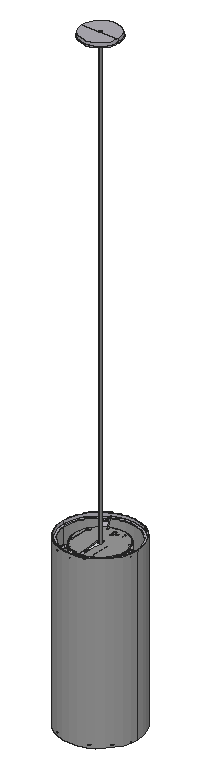
Revit family "Lighting - Lumetta - Pendant - P2091", category Lighting Fixtures, host Ceiling, Revit 2015
Parameters
  Wattage = 11.7117 W
  built-in parameter 1150110 = 1 (stored number, unit not read)
  URL = "https://lumetta.com/luminaires/shadow-cylinder-27-pendant/"
  Type Comments = ""
  built-in parameter 1114217 = 1 (stored number, unit not read)
  Top Lens-Material [instance] = Acrylic - 2447 - White
  Top Lens (Inner Core) [instance] = yes
  built-in parameter 1150109 = 1 (stored number, unit not read)
  built-in parameter 1150134 = (empty or 0)
  Suspension [instance] = 2
  built-in parameter 1150113 = 1 (stored number, unit not read)
  Stem Hung-ALL Lamping [instance] = Suspension = 3  # no
  P2048 URL [instance] = "https://lumetta.com/luminaires/shadow-cylinder-27-pendant/"
  Light Source Symbol Size = 0' - 1"
  Fixture Outer Drop [instance] = 6' - 0"
  Diffuser Outer Material [instance] = Glass, Matte
  1CRD Hung- LED-4 Wire [instance] = Suspension = 2  # yes
  Coupling-Stems Over 60 inches [instance] = and([Stem Hung-ALL Lamping], Fixture Outer Drop > 5' 0")  # no
  Model = "P2091"  # constant formula
  Manufacturer = "Lumetta, Inc."  # constant formula
  Lumens = 1300 lm
  built-in parameter 1150115 = 1 (stored number, unit not read)
  built-in parameter 1150105 = 103.45 (stored number, unit not read)
  built-in parameter 1150137 = (empty or 0)
  built-in parameter 1150139 = (empty or 0)
  built-in parameter 1150112 = 1 (stored number, unit not read)
  built-in parameter 1150114 = 1 (stored number, unit not read)
  built-in parameter 1150132 = 1
  built-in parameter 1150102 = (empty or 0)
  built-in parameter 1150138 = (empty or 0)
  built-in parameter 1150107 = 3000 (stored number, unit not read)
  built-in parameter 1150106 = 1.0345 (stored number, unit not read)
  Frame Finish [instance] = Paint - Lumetta - F02 - PC_Chrome
  built-in parameter 1150104 = 10.312 (stored number, unit not read)
  Dimming Lamp Color Temperature Shift = (empty or 0)
  Diffuser Inner Material [instance] = Shade - Lumetta - D61 - MT_White
  Description = "Shadow Cylinder 27'' Pendant"  # constant formula
  Cord [instance] = or(Suspension = 1, Suspension = 2)  # yes
  Bottom Lens-Material [instance] = Acrylic - P95 - Etched White
  Bottom Lens (Inner Core) [instance] = yes
  3 Cables [instance] = or(Suspension = 1, Suspension = 2)  # yes
  1CRD Hung-STD and 2 or 3 Wire [instance] = Suspension = 1  # no
  Cord Color [instance] = Cord, Black
  Color Filter = 16777215
  built-in parameter 1114218 = 1 (stored number, unit not read)
  built-in parameter 1150133 = 10 (stored number, unit not read)
Reference planes (in)
  plane 1 "Light Source Axis (F/B)": y = 0
  plane 2 "Ceiling": z = 96
  plane 3 "Light Source Axis (L/R)": x = 0
  plane 4 "Light Source Elevation": z = 20.5
  plane 5 "Fixture- Inner Top": z = 23
  plane 6 "Fixture-Inner Radius": x = 4
  plane 7 "Fixture-Inner Height": z = 3
  plane 8: through (0, 0, 0) normal (-0.5, -0.866, 0)
  plane 9: y = 0
  plane 10: through (0, 0, 0) normal (0.5, -0.866, 0)
  plane 11 "Plane-120": through (-2, 3.4641, 0) normal (0.5, -0.866, 0)
  plane 12 "Plane-240": through (-64.35383, 32.5359, 0) normal (0.5, 0.866, 0)
  plane 13 "Fixture-Outer Radius": x = 6
  plane 14 "Fixture- Outer Top": z = 24
  plane 15 "Fixture-Outer Height": z = -3
Forms (in)
  Revolve 1, solid, material "Paint - Lumetta - F02 - PC_Chrome" <- "Frame Finish", visible <- "3 Cables"
    sketch origin (0, 0, 0) x (1, 0, 0) y (0, 0, 1)
      loop
        line (0, 95.4375) -> (3, 95.4375) -> (3, 95.5) -> (2.87509, 95.5) -> (2.87509, 96) -> (0, 96) -> (0, 95.4375)
      axis (0, 96) -> (0, 95.4375)
    angle from 0 to 360
  Extrusion 2, void
    sketch origin (0, 0, 95.4375) x (0, -1, 0) y (1, 0, 0)
      loop
        circle (0, 0) r 0.25
      loop
        circle (0, 2.5) r 0.06274
      loop
        circle (-2.16506, -1.25) r 0.06274
      loop
        circle (2.16506, -1.25) r 0.06274
    from 0 to 0.06358
  Revolve 3, solid, material "Paint - Lumetta - F02 - PC_Chrome" <- "Frame Finish"
    sketch origin (0, 0, 0) x (1, 0, 0) y (0, 0, 1)
      loop
        line (4, 22.93522) -> (4, 22.5) -> (3.9375, 22.5) -> (3.9375, 22.9375) -> (4, 22.9375)
      loop
        line (4, 3.5) -> (3.9375, 3.5) -> (3.9375, 3.0625) -> (3.5, 3.0625) -> (3.5, 3) -> (4, 3) -> (4, 3.5)
      axis (0, 22.9375) -> (0, 3)
    angle from 0 to 360
  Revolve 4, solid, material "Shade - Lumetta - D61 - MT_White" <- "Diffuser Inner Material"
    sketch origin (0, 0, 0) x (1, 0, 0) y (0, 0, 1)
      loop
        line (4, 22.93522) -> (4, 2.99709) -> (4.06242, 2.99709) -> (4.06242, 22.93522) -> (4, 22.93522)
      axis (0, 22.93522) -> (0, 2.99709)
    angle from 0 to 360
  Extrusion 5, solid, material "Paint - Lumetta - F02 - PC_Chrome" <- "Frame Finish", visible <- "Stem Hung-ALL Lamping"
    sketch origin (0, 0, 23) x (0, -1, 0) y (-1, 0, 0)
      loop
        circle (0, 0) r 0.25
    from 0.6833 to -73
  Revolve 6, solid, material "Paint - Lumetta - F02 - PC_Chrome" <- "Frame Finish", visible <- "Coupling-Stems Over 60 inches"
    sketch origin (0, 0, 0) x (1, 0, 0) y (0, 0, 1)
      loop
        line (0, 83.46546) -> (0, 82.93522) -> (0.26233, 82.93522)
        arc (0.26233, 82.93522) -> (0.31307, 82.98597) -> (0.26233, 83.03671) r 0.05074
        arc (0.26233, 83.03671) -> (0.29304, 83.20021) -> (0.26243, 83.36373) r 0.45126
        arc (0.26243, 83.36373) -> (0.31329, 83.41459) -> (0.26243, 83.46546) r 0.05086
        line (0.26243, 83.46546) -> (0, 83.46546)
      axis (0, 83.46546) -> (0, 82.93522)
    angle from 0 to 360
  Revolve 7, solid, material "Paint - Lumetta - F02 - PC_Chrome" <- "Frame Finish", visible <- "Stem Hung-ALL Lamping"
    sketch origin (0, 0, 0) x (1, 0, 0) y (0, 0, 1)
      loop
        line (0, 96) -> (0, 93.40625) -> (0.34988, 93.40625)
        arc (0.34988, 93.40625) -> (0.49124, 93.54417) -> (0.58115, 93.72) r 0.61026
        line (0.58115, 93.72) -> (3, 93.72) -> (3, 93.78) -> (2.875, 93.78) -> (2.875, 96) -> (0, 96)
      axis (0, 96) -> (0, 93.40625)
    angle from 0 to 360
  Extrusion 8, solid, material "Cord, Black" <- "Cord Color", visible <- "Cord"
    sketch origin (0, 0, 23) x (0, -1, 0) y (1, 0, 0)
      loop
        circle (0, 0) r 0.15674
    from -0.56254 to 73
  Extrusion 9, solid, material "Paint - Lumetta - F02 - PC_Chrome" <- "Frame Finish"
    sketch origin (0, 0, 23.5) x (0, -1, 0) y (1, 0, 0)
      loop
        line (-0.375, 5.925) -> (-0.375, 4.8625) -> (0.375, 4.8625) -> (0.375, 5.925) -> (-0.375, 5.925)
      loop
        circle (0, 5.1125) r 0.11051
      loop
        line (-4.9437, -3.28726) -> (-4.02355, -2.75601) -> (-4.39855, -2.10649) -> (-5.3187, -2.63774) -> (-4.9437, -3.28726)
      loop
        circle (-4.42755, -2.55625) r 0.11051
      loop
        line (5.3187, -2.63774) -> (4.39855, -2.10649) -> (4.02355, -2.75601) -> (4.9437, -3.28726) -> (5.3187, -2.63774)
      loop
        circle (4.42755, -2.55625) r 0.11051
    from 0 to -0.06175
  Extrusion 10, solid, material "Acrylic - P95 - Etched White" <- "Bottom Lens-Material", visible <- "Bottom Lens (Inner Core)"
    sketch origin (0, 0, 3) x (0, -1, 0) y (1, 0, 0)
      loop
        circle (0, 0) r 3.84375
    from 0.0625 to 0.11254
  Revolve 11, solid, material "Paint - Lumetta - F02 - PC_Chrome" <- "Frame Finish"
    sketch origin (0, 0, 0) x (1, 0, 0) y (0, 0, 1)
      loop
        line (6, 24) -> (5.9375, 24) -> (5.9375, 23.5625) -> (5.5, 23.5625) -> (5.5, 23.5) -> (6, 23.5) -> (6, 24)
      loop
        line (6, -3) -> (6, -2.5) -> (5.9375, -2.5) -> (5.9375, -2.9375) -> (5.5, -2.9375) -> (5.5, -3) -> (6, -3)
      axis (0, 24) -> (0, -3)
    angle from 0 to 360
  Revolve 12, solid, material "Glass, Matte" <- "Diffuser Outer Material"
    sketch origin (0, 0, 0) x (1, 0, 0) y (0, 0, 1)
      loop
        line (6, 24) -> (6, -3) -> (6.03313, -3) -> (6.03313, 24) -> (6, 24)
      axis (0, -3) -> (0, 24)
    angle from 0 to 360
  Revolve 13, solid, material "Paint - Lumetta - F02 - PC_Chrome" <- "Frame Finish", visible <- "Stem Hung-ALL Lamping"
    sketch origin (0, 0, 0) x (1, 0, 0) y (0, 0, 1)
      loop
        arc (1.9375, 93.33818) -> (2.13408, 93.49233) -> (2.03125, 93.72) r 0.20242
        line (2.03125, 93.72) -> (1.9375, 93.72) -> (1.9375, 93.33818)
      axis (1.9375, 93.72) -> (1.9375, 93.33818)
    angle from 0 to 360
  Revolve 14, solid, material "Paint - Lumetta - F02 - PC_Chrome" <- "Frame Finish", visible <- "Stem Hung-ALL Lamping"
    sketch origin (0, 0, 0) x (-1, 0, 0) y (0, 0, 1)
      loop
        arc (1.9375, 93.33818) -> (2.13408, 93.49233) -> (2.03125, 93.72) r 0.20242
        line (2.03125, 93.72) -> (1.9375, 93.72) -> (1.9375, 93.33818)
      axis (1.9375, 93.72) -> (1.9375, 93.33818)
    angle from 0 to 360
  Revolve 15, solid, material "Paint - Lumetta - F02 - PC_Chrome" <- "Frame Finish", visible <- "1CRD Hung- LED-4 Wire"
    sketch origin (0, 0, 1.7175) x (1, 0, 0) y (0, 0, 1)
      loop
        arc (1.9375, 93.33818) -> (2.13408, 93.49233) -> (2.03125, 93.72) r 0.20242
        line (2.03125, 93.72) -> (1.9375, 93.72) -> (1.9375, 93.33818)
      axis (1.9375, 93.72) -> (1.9375, 93.33818)
    angle from 0 to 360
  Revolve 16, solid, material "Paint - Lumetta - F02 - PC_Chrome" <- "Frame Finish", visible <- "1CRD Hung- LED-4 Wire"
    sketch origin (0, 0, 1.7175) x (-1, 0, 0) y (0, 0, 1)
      loop
        arc (1.9375, 93.33818) -> (2.13408, 93.49233) -> (2.03125, 93.72) r 0.20242
        line (2.03125, 93.72) -> (1.9375, 93.72) -> (1.9375, 93.33818)
      axis (1.9375, 93.72) -> (1.9375, 93.33818)
    angle from 0 to 360
  Revolve 17, solid, material "Paint - Lumetta - F02 - PC_Chrome" <- "Frame Finish", visible <- "1CRD Hung- LED-4 Wire"
    sketch origin (0, 0, 0) x (1, 0, 0) y (0, 0, 1)
      loop
        line (0, 95.4375) -> (0, 95.31123) -> (0.375, 95.31123) -> (0.375, 95.4375) -> (0, 95.4375)
      axis (0, 95.4375) -> (0, 95.31123)
    angle from 0 to 360
  Revolve 18, solid, material "Paint - Lumetta - F02 - PC_Chrome" <- "Frame Finish", visible <- "1CRD Hung-STD and 2 or 3 Wire"
    sketch origin (0, 0, 0) x (1, 0, 0) y (0, 0, 1)
      loop
        line (0, 95.4375) -> (0, 94.9375) -> (0.28309, 94.9375) -> (0.375, 95.4375) -> (0, 95.4375)
      axis (0, 95.4375) -> (0, 94.9375)
    angle from 0 to 360
  Extrusion 19, solid, material "Acrylic - 2447 - White" <- "Top Lens-Material", visible <- "Top Lens (Inner Core)"
    sketch origin (0, 0, 23.5) x (0, -1, 0) y (1, 0, 0)
      loop
        arc (3.93099, -0.32385) -> (-3.93119, -0.00631) -> (3.93099, 0.31123) r 3.9375
        arc (3.93099, 0.31123) -> (3.91463, 0.26381) -> (3.86869, 0.24369) r 0.0625
        line (3.86869, 0.24369) -> (1.46788, 0.24369) -> (0.09313, 0.48609)
        arc (0.09313, 0.48609) -> (-0.49369, -0.00631) -> (0.09313, -0.49871) r 0.5
        line (0.09313, -0.49871) -> (1.46788, -0.25631) -> (3.86869, -0.25631)
        arc (3.86869, -0.25631) -> (3.91463, -0.27644) -> (3.93099, -0.32385) r 0.0625
      loop
        line (-2.93119, -0.25631) -> (-2.24369, -0.25631)
        arc (-2.24369, -0.25631) -> (-1.99369, -0.00631) -> (-2.24369, 0.24369) r 0.25
        line (-2.24369, 0.24369) -> (-2.93119, 0.24369)
        arc (-2.93119, 0.24369) -> (-3.18119, -0.00631) -> (-2.93119, -0.25631) r 0.25
    from -0.5 to -0.43553
  Extrusion 20, solid, material "Paint - Lumetta - F02 - PC_Chrome" <- "Frame Finish"
    sketch origin (0.009, 0, 23.5) x (0, -1, 0) y (1, 0, 0)
      loop
        circle (0, -0.009) r 4
      loop
        line (-1.18165, -3.384) -> (1.18165, -3.384)
        arc (1.18165, -3.384) -> (1.38495, -3.34356) -> (1.5573, -3.2284) r 0.53125
        line (1.5573, -3.2284) -> (3.23314, -1.55256)
        arc (3.23314, -1.55256) -> (3.38874, -1.17847) -> (3.23534, -0.80347) r 0.53125
        line (3.23534, -0.80347) -> (2.69504, -0.2568) -> (2.69797, 0.24319) -> (3.24558, 0.78442)
        arc (3.24558, 0.78442) -> (3.40338, 1.1607) -> (3.24779, 1.53791) r 0.53125
        line (3.24779, 1.53791) -> (1.5573, 3.2284)
        arc (1.5573, 3.2284) -> (1.38495, 3.34356) -> (1.18165, 3.384) r 0.53125
        line (1.18165, 3.384) -> (-1.18165, 3.384)
        arc (-1.18165, 3.384) -> (-1.38495, 3.34356) -> (-1.5573, 3.2284) r 0.53125
        line (-1.5573, 3.2284) -> (-3.24495, 1.54075)
        arc (-3.24495, 1.54075) -> (-3.40055, 1.1651) -> (-3.24495, 0.78945) r 0.53125
        line (-3.24495, 0.78945) -> (-2.6965, 0.241) -> (-2.6965, -0.259) -> (-3.23595, -0.79845)
        arc (-3.23595, -0.79845) -> (-3.39155, -1.1741) -> (-3.23595, -1.54975) r 0.53125
        line (-3.23595, -1.54975) -> (-1.5573, -3.2284)
        arc (-1.5573, -3.2284) -> (-1.38495, -3.34356) -> (-1.18165, -3.384) r 0.53125
      loop
        circle (-2.9465, -0.009) r 0.10938
      loop
        circle (2.9465, -0.00827) r 0.10938
    from -0.5 to -0.56478
  Extrusion 21, solid, material "Paint - Lumetta - F02 - PC_Chrome" <- "Frame Finish"
    sketch origin (0, 0, 0) x (1, 0, 0) y (0, 0, 1)
      loop
        line (5.363, 23.43825) -> (4.49685, 23.43825) -> (4.05859, 23) -> (3.9375, 23) -> (3.9375, 22.93522) -> (4.08594, 22.93522) -> (4.52647, 23.37575) -> (5.363, 23.37575) -> (5.363, 23.43825)
    from -0.375 to 0.375
  Extrusion 22, solid, material "Paint - Lumetta - F02 - PC_Chrome" <- "Frame Finish"
    sketch origin (0, 0, 0) x (-0.5, 0.866025, 0) y (0, 0, 1)
      loop
        line (5.363, 23.43825) -> (4.49685, 23.43825) -> (4.05859, 23) -> (3.9375, 23) -> (3.9375, 22.93522) -> (4.08594, 22.93522) -> (4.52647, 23.37575) -> (5.363, 23.37575) -> (5.363, 23.43825)
    from -0.375 to 0.375
  Extrusion 23, solid, material "Paint - Lumetta - F02 - PC_Chrome" <- "Frame Finish"
    sketch origin (0, 0, 0) x (-0.5, -0.866025, 0) y (0, 0, 1)
      loop
        line (5.363, 23.43825) -> (4.49685, 23.43825) -> (4.05859, 23) -> (3.9375, 23) -> (3.9375, 22.93522) -> (4.08594, 22.93522) -> (4.52647, 23.37575) -> (5.363, 23.37575) -> (5.363, 23.43825)
    from -0.375 to 0.375
  Extrusion 24, solid, material "Paint - Lumetta - F11 - PC_White"
    sketch origin (0, 0, 23) x (0, -1, 0) y (1, 0, 0)
      loop
        line (-3.1875, -1.25) -> (3.1875, -1.25) -> (3.1875, 1.25) -> (-3.1875, 1.25) -> (-3.1875, -1.25)
      loop
        circle (0, 0) r 0.34375
      loop
        circle (-2.9375, 0) r 0.10938
      loop
        circle (2.9375, 0) r 0.10938
      loop
        circle (-2.25, 0) r 0.10938
      loop
        circle (2.25, 0) r 0.10938
      loop
        circle (-0.875, -0.5) r 0.10937
      loop
        circle (-0.875, 0.5) r 0.10937
      loop
        circle (0.875, 0.5) r 0.10937
      loop
        circle (0.875, -0.5) r 0.10937
    from -0.0625 to -0.11693
Cuts and joins
  joined: Extrusion 9, Extrusion 20, Extrusion 21, Extrusion 22, Extrusion 23
Dimensions and locks (in)
  equal spacing: host sketch curve, plane 3 "Light Source Axis (L/R)", host sketch curve
  equal spacing: host sketch curve, plane 1 "Light Source Axis (F/B)", host sketch curve
  host sketch curve to host sketch curve = 10' - 0"  (x2)
  locked: plane 5 "Fixture- Inner Top" to plane 4 "Light Source Elevation" at 2.5
  plane 6 "Fixture-Inner Radius" to plane 3 "Light Source Axis (L/R)" = 0' - 4"  (x2)
  locked: plane 5 "Fixture- Inner Top" to plane 7 "Fixture-Inner Height" at 20
  locked: Revolve 1 sketch curve to plane 3 "Light Source Axis (L/R)" at 2.87509
  locked: Revolve 1 sketch curve to plane 3 "Light Source Axis (L/R)" at 3
  locked: Extrusion 2 sketch curve to Extrusion 2 sketch curve at 2.5
  locked: Revolve 4 sketch curve to plane 6 "Fixture-Inner Radius" at 0.06242
  locked: Revolve 3 to Revolve 4 at 0.06541
  locked: Extrusion 5 sketch curve to imposter light
  locked: Extrusion 5 sketch curve to imposter light at 0
  Revolve 6 sketch curve to Revolve 6 sketch curve = 0' - 0.15822"
  locked: Revolve 6 sketch curve to Revolve 4 at 60
  locked: Revolve 6 sketch curve to Revolve 6 sketch curve at 0.53023
  locked: Revolve 6 sketch curve to Revolve 6 sketch curve at 0.26243
  locked: Revolve 6 sketch curve to Revolve 6 sketch curve at 0.26233
  locked: Revolve 6 sketch curve to Revolve 6 sketch curve at 0.05074
  locked: Revolve 6 sketch curve to Revolve 6 sketch curve at 0.47937
  locked: Revolve 6 sketch curve to Revolve 6 sketch curve at 0.26512
  locked: Revolve 7 sketch curve to Revolve 7 sketch curve at 2.875
  locked: Revolve 7 sketch curve to Revolve 7 sketch curve at 0.31375
  locked: Revolve 3 sketch curve to plane 7 "Fixture-Inner Height" at 0.5
  locked: plane 6 "Fixture-Inner Radius" to Revolve 3 sketch curve at 0.0625  (x2)
  locked: Revolve 1 sketch curve to Revolve 1 sketch curve at 0.0625
  locked: host ceiling to Revolve 1 sketch curve at 0.5625
  locked: Revolve 1 sketch curve to Revolve 1 sketch curve at 0.5625
  locked: Revolve 1 sketch curve to Revolve 1 sketch curve at 3
  Revolve 1 sketch curve to Revolve 1 sketch curve = 0' - 2.87509"
  plane 10 to plane 11 "Plane-120" = 0' - 4"
  plane 12 "Plane-240" to plane 8 = 0' - 4"
  locked: plane 10 to Extrusion 2 sketch curve at 2.5
  locked: Extrusion 2 sketch curve to plane 8 at 2.5
  locked: Extrusion 10 to plane 7 "Fixture-Inner Height" at 0.11254
  locked: plane 13 "Fixture-Outer Radius" to plane 3 "Light Source Axis (L/R)" at 6
  "Fixture Outer Drop": plane 2 "Ceiling" to plane 14 "Fixture- Outer Top"
  locked: plane 14 "Fixture- Outer Top" to plane 5 "Fixture- Inner Top" at 1
  locked: plane 14 "Fixture- Outer Top" to plane 15 "Fixture-Outer Height" at 27
  locked: Revolve 11 sketch curve to plane 15 "Fixture-Outer Height" at 0
  locked: Revolve 11 sketch curve to plane 13 "Fixture-Outer Radius" at 0  (x2)
  locked: Revolve 12 sketch curve to plane 13 "Fixture-Outer Radius" at 0
  locked: plane 13 "Fixture-Outer Radius" to Revolve 12 sketch curve at 0.03313
  locked: Revolve 12 sketch curve to plane 14 "Fixture- Outer Top" at 0
  locked: Revolve 12 sketch curve to plane 15 "Fixture-Outer Height" at 0
  Revolve 7 to Revolve 13 sketch curve = 0' - 0"
  locked: Revolve 1 to Revolve 18 sketch curve at 0.5
  locked: Revolve 18 sketch curve to Revolve 18 sketch curve at 0.27843
  locked: Revolve 18 sketch curve to plane 3 "Light Source Axis (L/R)" at 0.375
  locked: Revolve 11 sketch curve to Revolve 11 sketch curve at 0.5  (x4)
  locked: Revolve 11 sketch curve to Revolve 11 sketch curve at 0.0625  (x4)
  locked: Extrusion 9 sketch curve to plane 9 at 0.375  (x2)
  locked: plane 6 "Fixture-Inner Radius" to Revolve 3 sketch curve at 0.5
  Extrusion 19 to plane 5 "Fixture- Inner Top" = 0' - 0.06447"
  Extrusion 9 to plane 5 "Fixture- Inner Top" = 0' - 0.43825"
  plane 5 "Fixture- Inner Top" to Extrusion 20 = 0' - 0.06478"
  locked: Extrusion 20 to Extrusion 20 at 0.06478
  Extrusion 19 to Extrusion 19 = 0' - 0.06447"
  Extrusion 9 to Extrusion 9 = 0' - 0.06175"
  locked: Revolve 11 sketch curve to plane 14 "Fixture- Outer Top" at 0
  plane 5 "Fixture- Inner Top" to Revolve 4 = 0' - 0.06478"  (x2)
  plane 14 "Fixture- Outer Top" to Extrusion 20 = 0' - 1"
  locked: Revolve 3 sketch curve to plane 6 "Fixture-Inner Radius"
  locked: Extrusion 20 to plane 5 "Fixture- Inner Top"
  Extrusion 20 to Revolve 4 = 0' - 0"
  locked: Extrusion 19 to Extrusion 19 at 0.06447
  locked: Extrusion 9 sketch curve to plane 13 "Fixture-Outer Radius" at 0.075
  locked: Extrusion 9 sketch curve to Extrusion 9 sketch curve at 1.0625  (x3)
  locked: Extrusion 9 sketch curve to Extrusion 9 sketch curve at 0.25  (x3)
  locked: plane 14 "Fixture- Outer Top" to Extrusion 9 at 0.5
  locked: Extrusion 9 to Extrusion 9 at 0.06175
  locked: Extrusion 20 sketch curve to plane 3 "Light Source Axis (L/R)" at 3.375
  plane 3 "Light Source Axis (L/R)" to Extrusion 20 sketch curve = 0' - 0 1/4"
  Extrusion 20 sketch curve to plane 3 "Light Source Axis (L/R)" = 0' - 0 1/4"
  locked: Extrusion 20 sketch curve to plane 9 at 2.6965
  locked: Extrusion 20 sketch curve to Extrusion 20 sketch curve at 0.25  (x2)
  locked: plane 5 "Fixture- Inner Top" to Revolve 3 sketch curve at 0.0625
  locked: plane 3 "Light Source Axis (L/R)" to Extrusion 20 sketch curve
  locked: Extrusion 20 sketch curve to plane 9 at 0
  locked: Extrusion 21 sketch curve to plane 13 "Fixture-Outer Radius" at 0.637
  locked: Extrusion 21 sketch curve to Extrusion 21 sketch curve at 1.4255
  Extrusion 21 sketch curve to plane 6 "Fixture-Inner Radius" = 0' - 0 11/128"
  locked: Extrusion 21 sketch curve to plane 6 "Fixture-Inner Radius" at 0.05859
  locked: Extrusion 21 sketch curve to plane 6 "Fixture-Inner Radius" at 0.08594
  locked: Extrusion 21 sketch curve to plane 5 "Fixture- Inner Top" at 0
  locked: Extrusion 21 sketch curve to Extrusion 21 sketch curve at 0.06478
  locked: Extrusion 21 to plane 9 at 0.375
  locked: plane 9 to Extrusion 21 at 0.375
  plane 6 "Fixture-Inner Radius" to Extrusion 21 = 0' - 1.363"
  locked: Extrusion 22 sketch curve to Extrusion 22 sketch curve at 1.4255
  locked: Extrusion 22 sketch curve to Extrusion 22 sketch curve at 0.06478
  locked: Extrusion 23 sketch curve to Extrusion 23 sketch curve at 1.4255
  locked: Extrusion 23 sketch curve to Extrusion 23 sketch curve at 0.06478
  locked: plane 5 "Fixture- Inner Top" to Revolve 4 at 0.06478
  locked: plane 3 "Light Source Axis (L/R)" to Extrusion 24 sketch curve at 1.25
  locked: Extrusion 24 sketch curve to plane 3 "Light Source Axis (L/R)" at 1.25
  locked: plane 9 to Extrusion 24 sketch curve at 3.1875  (x2)
  locked: Extrusion 24 sketch curve to plane 9 at 2.9375
  locked: plane 9 to Extrusion 24 sketch curve at 2.9375
  locked: Extrusion 24 sketch curve to plane 9 at 2.25
  locked: plane 9 to Extrusion 24 sketch curve at 2.25
  locked: Extrusion 24 sketch curve to plane 3 "Light Source Axis (L/R)" at 0.5
  locked: Extrusion 24 sketch curve to plane 9 at 0.875
  locked: plane 5 "Fixture- Inner Top" to Extrusion 24 at 0.0625
  locked: Extrusion 24 to Extrusion 24 at 0.05443
  radius of Extrusion 10 sketch curve = 0' - 3 27/32"
  locked: Extrusion 20 sketch curve to Extrusion 20 sketch curve (angle 45.00°)  (x2)
  locked: Extrusion 21 sketch curve to Extrusion 21 sketch curve (angle 45.00°)  (x2)
  locked: Extrusion 22 sketch curve to Extrusion 22 sketch curve (angle 45.00°)  (x2)
  locked: Extrusion 23 sketch curve to Extrusion 23 sketch curve (angle 45.00°)  (x2)
  aligned and locked: plane 3 "Light Source Axis (L/R)" to imposter light
  aligned and locked: plane 1 "Light Source Axis (F/B)" to imposter light
  aligned and locked: plane 4 "Light Source Elevation" to imposter light
  aligned and locked: Revolve 4 sketch curve to plane 3 "Light Source Axis (L/R)"
  aligned and locked: Revolve 6 sketch curve to Revolve 6 sketch curve  (x2)
  aligned and locked: host ceiling to Extrusion 5
  aligned and locked: host ceiling to Extrusion 8
  aligned and locked: Revolve 11 sketch curve to plane 3 "Light Source Axis (L/R)"
  aligned and locked: Revolve 12 sketch curve to plane 3 "Light Source Axis (L/R)"
  aligned and locked: Extrusion 10 to Revolve 3
  aligned and locked: plane 5 "Fixture- Inner Top" to Extrusion 19
Automatic sketch dimensions
  Revolve 1 sketch curve to plane 3 "Light Source Axis (L/R)" = 0' - 0"
  Revolve 1 sketch curve to Revolve 1 sketch curve = 0' - 0"
  Revolve 1 sketch curve to Revolve 1 sketch curve = 0' - 9 3/4"
  Extrusion 2 sketch curve to Revolve 1 = 0' - 0"
  Revolve 1 to Extrusion 2 sketch curve = 0' - 2.16506"
  Extrusion 2 sketch curve to Revolve 1 = 0' - 2.16506"
  Revolve 7 sketch curve to plane 3 "Light Source Axis (L/R)" = 0' - 0"  (x3)
  Revolve 7 sketch curve to plane 2 "Ceiling" = 0' - 0"
  plane 3 "Light Source Axis (L/R)" to Revolve 7 sketch curve = 0' - 0.34988"
  Revolve 7 sketch curve to Revolve 7 sketch curve = 0' - 0.23126"
  Revolve 7 sketch curve to Revolve 7 sketch curve = 0' - 0 1/8"
  Revolve 7 sketch curve to plane 2 "Ceiling" = 0' - 2 3/32"
  Revolve 7 sketch curve to Revolve 7 sketch curve = 0' - 0.06"
  plane 2 "Ceiling" to Revolve 7 sketch curve = 0' - 1 3/4"
  Revolve 7 sketch curve to Revolve 7 sketch curve = 0' - 2 1/2"
  plane 1 "Light Source Axis (F/B)" to Extrusion 8 sketch curve = 0' - 0"
  Extrusion 8 sketch curve to plane 3 "Light Source Axis (L/R)" = 0' - 0"
  Revolve 12 sketch curve to plane 15 "Fixture-Outer Height" = 0' - 1 1/2"
  Revolve 12 sketch curve to level = 1' - 0"
  Revolve 13 sketch curve to Revolve 13 sketch curve = 0' - 0.1794"
  Revolve 13 sketch curve to Revolve 13 sketch curve = 0' - 0.90349"
  plane 2 "Ceiling" to Revolve 13 sketch curve = 0' - 0.68468"
  plane 3 "Light Source Axis (L/R)" to Revolve 14 sketch curve = 0' - 1 15/16"
  Revolve 14 sketch curve to Revolve 14 sketch curve = 0' - 0 3/32"
  plane 2 "Ceiling" to Revolve 14 sketch curve = 0' - 2.66182"
  Revolve 14 sketch curve to Revolve 14 sketch curve = 0' - 0.20242"
  Revolve 14 sketch curve to Revolve 14 sketch curve = 0' - 0"
  Revolve 14 sketch curve to Revolve 14 sketch curve = 0' - 0.90349"
  Revolve 14 sketch curve to plane 2 "Ceiling" = 0' - 0.68468"
  Revolve 15 sketch curve to plane 2 "Ceiling" = 0' - 0.94432"
  Revolve 15 sketch curve to Revolve 15 sketch curve = 0' - 0.20242"
  Revolve 15 sketch curve to Revolve 15 sketch curve = 0' - 0.90349"
  plane 2 "Ceiling" to Revolve 15 sketch curve = 0' - 2.40218"
  plane 2 "Ceiling" to Revolve 16 sketch curve = 0' - 0.7419"
  plane 3 "Light Source Axis (L/R)" to Revolve 16 sketch curve = 0' - 1 15/16"
  Revolve 16 sketch curve to Revolve 16 sketch curve = 0' - 0 3/32"
  Revolve 16 sketch curve to Revolve 16 sketch curve = 0' - 0.20242"
  Revolve 16 sketch curve to Revolve 16 sketch curve = 0' - 0"
  Revolve 16 sketch curve to Revolve 16 sketch curve = 0' - 0.90349"
  Revolve 16 sketch curve to plane 2 "Ceiling" = 0' - 2.40218"
  Revolve 17 sketch curve to plane 3 "Light Source Axis (L/R)" = 0' - 0"  (x2)
  plane 3 "Light Source Axis (L/R)" to Revolve 17 sketch curve = 0' - 0 3/8"
  Revolve 17 sketch curve to plane 2 "Ceiling" = 0' - 0.68877"
  Revolve 17 sketch curve to Revolve 17 sketch curve = 0' - 0.12627"
  Revolve 17 sketch curve to Revolve 17 sketch curve = 0' - 0.21888"
  Revolve 17 sketch curve to plane 2 "Ceiling" = 0' - 0.22322"
  Revolve 18 sketch curve to plane 3 "Light Source Axis (L/R)" = 0' - 0"  (x2)
  plane 3 "Light Source Axis (L/R)" to Revolve 18 sketch curve = 0' - 0.28309"
  Revolve 18 sketch curve to Revolve 18 sketch curve = 0' - 0 3/4"
  plane 2 "Ceiling" to Revolve 18 sketch curve = 0' - 0 7/16"
  plane 3 "Light Source Axis (L/R)" to Revolve 13 sketch curve = 0' - 1 15/16"
  Revolve 13 sketch curve to Revolve 13 sketch curve = 0' - 0 3/32"
  Revolve 13 sketch curve to Revolve 13 sketch curve = 0' - 0"
  plane 3 "Light Source Axis (L/R)" to Revolve 15 sketch curve = 0' - 1 15/16"
  Revolve 15 sketch curve to Revolve 15 sketch curve = 0' - 0 3/32"
  Revolve 15 sketch curve to Revolve 15 sketch curve = 0' - 0"
  Revolve 4 sketch curve to plane 6 "Fixture-Inner Radius" = 0' - 0"
  plane 5 "Fixture- Inner Top" to Revolve 4 sketch curve = 0' - 0.06478"
  plane 7 "Fixture-Inner Height" to Revolve 4 sketch curve = 0' - 0.00291"
  plane 7 "Fixture-Inner Height" to Revolve 4 sketch curve = 0' - 1 1/4"
  plane 14 "Fixture- Outer Top" to Revolve 4 sketch curve = 0' - 1 3/4"
  Revolve 6 sketch curve to plane 3 "Light Source Axis (L/R)" = 0' - 0"
  Revolve 6 sketch curve to Revolve 6 sketch curve = 0' - 11.34317"
  level to Revolve 11 sketch curve = 0' - 2 1/4"
  Revolve 11 sketch curve to plane 7 "Fixture-Inner Height" = 0' - 5 1/2"
  plane 3 "Light Source Axis (L/R)" to Revolve 3 sketch curve = 0' - 0"
  Revolve 3 sketch curve to plane 6 "Fixture-Inner Radius" = 0' - 0"
  Revolve 3 sketch curve to plane 7 "Fixture-Inner Height" = 0' - 0"
  Revolve 3 sketch curve to plane 7 "Fixture-Inner Height" = 0' - 0 1/16"
  Revolve 3 sketch curve to level = 0' - 10"
  Revolve 3 sketch curve to plane 2 "Ceiling" = 0' - 1"
  plane 1 "Light Source Axis (F/B)" to Extrusion 9 sketch curve = 0' - 0"
  Extrusion 9 sketch curve to plane 1 "Light Source Axis (F/B)" = 0' - 4.02355"
  Extrusion 9 sketch curve to plane 3 "Light Source Axis (L/R)" = 0' - 2.10649"  (x2)
  Extrusion 9 sketch curve to Extrusion 9 sketch curve = 0' - 0 3/8"  (x2)
  Extrusion 9 sketch curve to Extrusion 9 sketch curve = 0' - 0.40401"
  Extrusion 9 sketch curve to plane 3 "Light Source Axis (L/R)" = 0' - 3.28726"
  plane 1 "Light Source Axis (F/B)" to Extrusion 9 sketch curve = 0' - 4.02355"
  Extrusion 9 sketch curve to Extrusion 9 sketch curve = 0' - 0.02901"
  Extrusion 9 sketch curve to Extrusion 9 sketch curve = 0' - 0.51615"
  Extrusion 20 sketch curve to plane 3 "Light Source Axis (L/R)" = 0' - 0"
  Extrusion 20 sketch curve to plane 3 "Light Source Axis (L/R)" = 0' - 0.78945"
  Extrusion 20 sketch curve to Extrusion 20 sketch curve = 0' - 0.53945"
  Extrusion 20 sketch curve to plane 3 "Light Source Axis (L/R)" = 0' - 1.54075"
  Extrusion 20 sketch curve to Extrusion 20 sketch curve = 0' - 0"  (x2)
  plane 3 "Light Source Axis (L/R)" to Extrusion 20 sketch curve = 0' - 0.79845"
  plane 3 "Light Source Axis (L/R)" to Extrusion 20 sketch curve = 0' - 1.54975"
  Extrusion 20 sketch curve to Extrusion 20 sketch curve = 0' - 0.37565"  (x10)
  Extrusion 20 sketch curve to plane 1 "Light Source Axis (F/B)" = 0' - 1.5573"  (x2)
  Extrusion 20 sketch curve to plane 6 "Fixture-Inner Radius" = 0' - 0.7626"  (x2)
  plane 1 "Light Source Axis (F/B)" to Extrusion 20 sketch curve = 0' - 1.18165"  (x2)
  Extrusion 20 sketch curve to plane 3 "Light Source Axis (L/R)" = 0' - 0.2478"
  plane 1 "Light Source Axis (F/B)" to Extrusion 20 sketch curve = 0' - 2.69504"
  plane 3 "Light Source Axis (L/R)" to Extrusion 20 sketch curve = 0' - 0.25219"
  Extrusion 20 sketch curve to Extrusion 20 sketch curve = 0' - 0.00293"
  Extrusion 20 sketch curve to Extrusion 20 sketch curve = 0' - 0.16245"
  Extrusion 20 sketch curve to Extrusion 20 sketch curve = 0' - 0.17416"
  plane 3 "Light Source Axis (L/R)" to Extrusion 20 sketch curve = 0' - 0.00073"
  plane 3 "Light Source Axis (L/R)" to Extrusion 20 sketch curve = 0' - 0.79342"
  Extrusion 20 sketch curve to Extrusion 20 sketch curve = 0' - 0.37344"
  plane 3 "Light Source Axis (L/R)" to Extrusion 20 sketch curve = 0' - 1.54691"
  Extrusion 20 sketch curve to Extrusion 20 sketch curve = 0' - 0.1556"  (x2)
  Extrusion 20 sketch curve to Extrusion 20 sketch curve = 0' - 0.37785"
  plane 5 "Fixture- Inner Top" to Revolve 3 sketch curve = 0' - 0.06478"
  plane 5 "Fixture- Inner Top" to Revolve 3 sketch curve = 0' - 0 1/2"
  Extrusion 21 sketch curve to plane 5 "Fixture- Inner Top" = 0' - 0.37575"
  Extrusion 21 sketch curve to Extrusion 21 sketch curve = 0' - 0.02962"
  Extrusion 22 sketch curve to plane 5 "Fixture- Inner Top" = 0' - 0"
  plane 11 "Plane-120" to Extrusion 22 sketch curve = 0' - 0 1/16"
  Extrusion 22 sketch curve to plane 11 "Plane-120" = 0' - 0 15/256"
  Extrusion 22 sketch curve to Extrusion 22 sketch curve = 0' - 0 7/256"
  Extrusion 22 sketch curve to plane 5 "Fixture- Inner Top" = 0' - 0.43825"
  Extrusion 22 sketch curve to Extrusion 22 sketch curve = 0' - 0.02962"
  Extrusion 23 sketch curve to plane 5 "Fixture- Inner Top" = 0' - 0"
  plane 12 "Plane-240" to Extrusion 23 sketch curve = 0' - 0 1/16"
  Extrusion 23 sketch curve to plane 12 "Plane-240" = 0' - 0 15/256"
  Extrusion 23 sketch curve to Extrusion 23 sketch curve = 0' - 0 7/256"
  Extrusion 23 sketch curve to plane 5 "Fixture- Inner Top" = 0' - 0.43825"
  Extrusion 23 sketch curve to Extrusion 23 sketch curve = 0' - 0.02962"
  plane 1 "Light Source Axis (F/B)" to Extrusion 24 sketch curve = 0' - 0"
  Extrusion 24 sketch curve to plane 3 "Light Source Axis (L/R)" = 0' - 0"  (x5)
  Extrusion 24 sketch curve to plane 1 "Light Source Axis (F/B)" = 0' - 0 7/8"
  plane 1 "Light Source Axis (F/B)" to Extrusion 24 sketch curve = 0' - 0 7/8"  (x2)
  Extrusion 24 sketch curve to plane 3 "Light Source Axis (L/R)" = 0' - 0 1/2"
  plane 3 "Light Source Axis (L/R)" to Extrusion 24 sketch curve = 0' - 0 1/2"  (x2)
  plane 1 "Light Source Axis (F/B)" to Extrusion 10 sketch curve = 0' - 0"
  Extrusion 10 sketch curve to plane 3 "Light Source Axis (L/R)" = 0' - 0"
  Extrusion 19 sketch curve to Extrusion 19 sketch curve = 0' - 0"  (x5)
  Extrusion 19 sketch curve to plane 3 "Light Source Axis (L/R)" = 0' - 0.25631"
  Extrusion 19 sketch curve to plane 1 "Light Source Axis (F/B)" = 0' - 2.93119"
  Extrusion 19 sketch curve to Extrusion 19 sketch curve = 0' - 0 11/16"
  plane 1 "Light Source Axis (F/B)" to Extrusion 19 sketch curve = 0' - 0.00631"
  plane 1 "Light Source Axis (F/B)" to Extrusion 19 sketch curve = 0' - 0.09313"  (x2)
  plane 3 "Light Source Axis (L/R)" to Extrusion 19 sketch curve = 0' - 0.24369"
  Extrusion 19 sketch curve to Extrusion 19 sketch curve = 0' - 1.37474"
  Extrusion 19 sketch curve to plane 3 "Light Source Axis (L/R)" = 0' - 0.31881"
  Extrusion 19 sketch curve to Extrusion 19 sketch curve = 0' - 2.40081"
  Extrusion 19 sketch curve to plane 3 "Light Source Axis (L/R)" = 0' - 0.49871"
  Extrusion 19 sketch curve to Extrusion 19 sketch curve = 0' - 0 1/16"  (x2)
  Extrusion 19 sketch curve to plane 3 "Light Source Axis (L/R)" = 0' - 0.00631"  (x2)
  radius of Extrusion 2 sketch curve to Revolve 1 = 0' - 2 3/4"
  radius of Extrusion 2 sketch curve = 0' - 0.06274"  (x3)
  radius of Extrusion 5 sketch curve = 0' - 0 1/4"
  radius of Extrusion 8 sketch curve = 0' - 0.15674"
  radius of Extrusion 9 sketch curve = 0' - 0.11051"  (x3)
  radius of Extrusion 20 sketch curve = 0' - 4"
  radius of Extrusion 20 sketch curve = 0' - 0 7/64"  (x2)
  radius of Extrusion 24 sketch curve = 0' - 0 11/32"
  radius of Extrusion 24 sketch curve = 0' - 0 7/64"  (x8)
